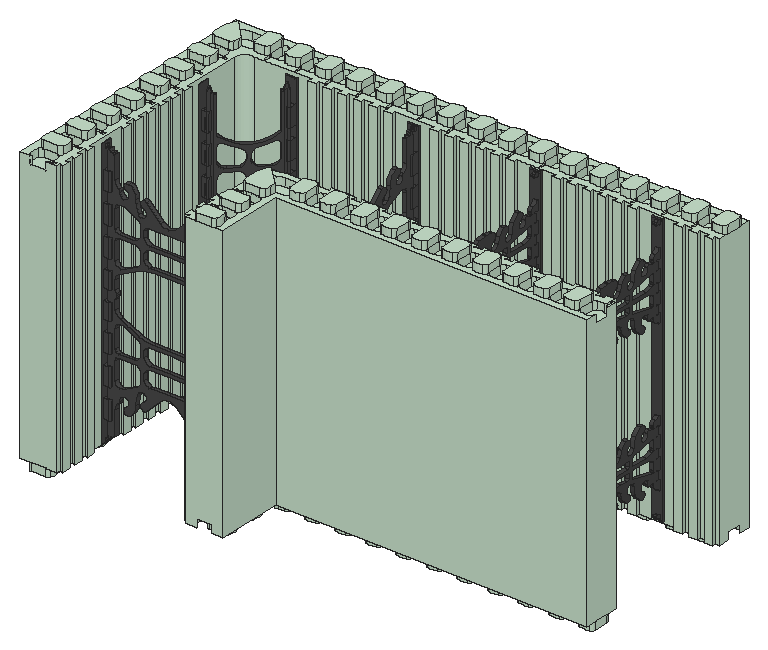
Revit family
Reference planes (in)
  plane 1 "Center (Front/Back)": y = 0
  plane 2: z = 0
  plane 3 "Center (Left/Right)": x = 0
  plane 4: y = -4
  plane 5: y = 4
  plane 6: x = 4
  plane 7: x = -4
  plane 8: x = 27
  plane 9: y = -11
  plane 10: z = 18
  plane 11: x = 6.625
  plane 12: x = -6.625
  plane 13: y = 6.625
Forms (in)
  Extrusion 1, solid, material "NUDURA Expanded Polystyrene Foam Insulation"
    sketch origin (0, 0, 0) x (1, 0, 0) y (0, 1, 0)
      loop
        line (-6.625, 6.625) -> (-6.625, -11) -> (-4.25, -11) -> (-4.25, -10.71883) -> (-4, -10.78117) -> (-4, -10.21883) -> (-4.25, -10.28117) -> (-4.25, -9.71883) -> (-4, -9.78117) -> (-4, -9.21883) -> (-4.25, -9.28117) -> (-4.25, -8.71883) -> (-4, -8.78117) -> (-4, -8.21883) -> (-4.25, -8.28117) -> (-4.25, -5.71883) -> (-4, -5.78117) -> (-4, -5.21883) -> (-4.25, -5.28117) -> (-4.25, -4.71883) -> (-4, -4.78117) -> (-4, -4.21883) -> (-4.25, -4.28117) -> (-4.25, -3.71883) -> (-4, -3.78117) -> (-4, -3.21883) -> (-4.25, -3.28117) -> (-4.25, -2.71883) -> (-4, -2.78117) -> (-4, -2.21883) -> (-4.25, -2.28117) -> (-4.25, -1.71883) -> (-4, -1.78117) -> (-4, -1.21883) -> (-4.25, -1.28117) -> (-4.25, -0.71883) -> (-4, -0.78117) -> (-4, -0.21883) -> (-4.25, -0.28117) -> (-4.25, 3.51944)
        arc (-4.25, 3.51944) -> (-4.02357, 4.03725) -> (-3.5, 4.25) r 0.75
        line (-3.5, 4.25) -> (0.28117, 4.25) -> (0.21883, 4) -> (0.78117, 4) -> (0.71883, 4.25) -> (1.28117, 4.25) -> (1.21883, 4) -> (1.78117, 4) -> (1.71883, 4.25) -> (2.28117, 4.25) -> (2.21883, 4) -> (2.78117, 4) -> (2.71883, 4.25) -> (3.28117, 4.25) -> (3.21883, 4) -> (3.78117, 4) -> (3.71883, 4.25) -> (4.28117, 4.25) -> (4.21883, 4) -> (4.78117, 4) -> (4.71883, 4.25) -> (5.28117, 4.25) -> (5.21883, 4) -> (5.78117, 4) -> (5.71883, 4.25) -> (8.28117, 4.25) -> (8.21883, 4) -> (8.78117, 4) -> (8.71883, 4.25) -> (9.28117, 4.25) -> (9.21883, 4) -> (9.78117, 4) -> (9.71883, 4.25) -> (10.28117, 4.25) -> (10.21883, 4) -> (10.78117, 4) -> (10.71883, 4.25) -> (11.28117, 4.25) -> (11.21883, 4) -> (11.78117, 4) -> (11.71883, 4.25) -> (12.28117, 4.25) -> (12.21883, 4) -> (12.78117, 4) -> (12.71883, 4.25) -> (13.28117, 4.25) -> (13.21883, 4) -> (13.78117, 4) -> (13.71883, 4.25) -> (16.28117, 4.25) -> (16.21883, 4) -> (16.78117, 4) -> (16.71883, 4.25) -> (17.28117, 4.25) -> (17.21883, 4) -> (17.78117, 4) -> (17.71883, 4.25) -> (18.28117, 4.25) -> (18.21883, 4) -> (18.78117, 4) -> (18.71883, 4.25) -> (19.28117, 4.25) -> (19.21883, 4) -> (19.78117, 4) -> (19.71883, 4.25) -> (20.28117, 4.25) -> (20.21883, 4) -> (20.78117, 4) -> (20.71883, 4.25) -> (21.28117, 4.25) -> (21.21883, 4) -> (21.78117, 4) -> (21.71883, 4.25) -> (24.28117, 4.25) -> (24.21883, 4) -> (24.78117, 4) -> (24.71883, 4.25) -> (25.28117, 4.25) -> (25.21883, 4) -> (25.78117, 4) -> (25.71883, 4.25) -> (26.28117, 4.25) -> (26.21883, 4) -> (26.78117, 4) -> (26.71883, 4.25) -> (27, 4.25) -> (27, 6.625) -> (-6.625, 6.625)
      loop
        line (6.625, -6.625) -> (27, -6.625) -> (27, -4.25) -> (26.71883, -4.25) -> (26.78117, -4) -> (26.21883, -4) -> (26.28117, -4.25) -> (25.71883, -4.25) -> (25.78117, -4) -> (25.21883, -4) -> (25.28117, -4.25) -> (24.71883, -4.25) -> (24.78117, -4) -> (24.21883, -4) -> (24.28117, -4.25) -> (21.71883, -4.25) -> (21.78117, -4) -> (21.21883, -4) -> (21.28117, -4.25) -> (20.71883, -4.25) -> (20.78117, -4) -> (20.21883, -4) -> (20.28117, -4.25) -> (19.71883, -4.25) -> (19.78117, -4) -> (19.21883, -4) -> (19.28117, -4.25) -> (18.71883, -4.25) -> (18.78117, -4) -> (18.21883, -4) -> (18.28117, -4.25) -> (17.71883, -4.25) -> (17.78117, -4) -> (17.21883, -4) -> (17.28117, -4.25) -> (16.71883, -4.25) -> (16.78117, -4) -> (16.21883, -4) -> (16.28117, -4.25) -> (13.71883, -4.25) -> (13.78117, -4) -> (13.21883, -4) -> (13.28117, -4.25) -> (12.71883, -4.25) -> (12.78117, -4) -> (12.21883, -4) -> (12.28117, -4.25) -> (11.71883, -4.25) -> (11.78117, -4) -> (11.21883, -4) -> (11.28117, -4.25) -> (10.71883, -4.25) -> (10.78117, -4) -> (10.21883, -4) -> (10.28117, -4.25) -> (9.71883, -4.25) -> (9.78117, -4) -> (9.21883, -4) -> (9.28117, -4.25) -> (8.71883, -4.25) -> (8.78117, -4) -> (8.21883, -4) -> (8.28117, -4.25) -> (5.5, -4.25)
        arc (5.5, -4.25) -> (4.61612, -4.61612) -> (4.25, -5.5) r 1.25
        line (4.25, -5.5) -> (4.25, -8.28117) -> (4, -8.21883) -> (4, -8.78117) -> (4.25, -8.71883) -> (4.25, -9.28117) -> (4, -9.21883) -> (4, -9.78117) -> (4.25, -9.71883) -> (4.25, -10.28117) -> (4, -10.21883) -> (4, -10.78117) -> (4.25, -10.71883) -> (4.25, -11) -> (6.625, -11) -> (6.625, -6.625)
    from 0 to 18
  Extrusion 2, solid, material "NUDURA Expanded Polystyrene Foam Insulation"
    sketch origin (1, -1, 0) x (1, 0, 0) y (0, 1, 0)
      loop
        arc (3.6875, -5.5) -> (3.70047, -5.66548) -> (3.73905, -5.82692) r 1.0625
        arc (3.73905, -5.82692) -> (3.82983, -5.95215) -> (3.97692, -6) r 0.25
        line (3.97692, -6) -> (4.89808, -6)
        arc (4.89808, -6) -> (5.04517, -5.95215) -> (5.13595, -5.82692) r 0.25
        arc (5.13595, -5.82692) -> (5.17453, -5.66548) -> (5.1875, -5.5) r 1.0625
        line (5.1875, -5.5) -> (5.1875, -5.1875) -> (3.98039, -3.98039)
        arc (3.98039, -3.98039) -> (3.76362, -4.30482) -> (3.6875, -4.6875) r 1
        line (3.6875, -4.6875) -> (3.6875, -5.5)
    from 18 to 18.5
  Extrusion 3, solid, material "NUDURA Expanded Polystyrene Foam Insulation"
    sketch origin (-1, 1, 0) x (1, 0, 0) y (0, 1, 0)
      loop
        arc (-3.97692, 3) -> (-3.82983, 3.04785) -> (-3.73905, 3.17308) r 0.25
        arc (-3.73905, 3.17308) -> (-3.70047, 3.33452) -> (-3.6875, 3.5) r 1.0625
        line (-3.6875, 3.5) -> (-3.6875, 3.6875) -> (-4.89461, 4.89461)
        arc (-4.89461, 4.89461) -> (-5.11138, 4.57018) -> (-5.1875, 4.1875) r 1
        line (-5.1875, 4.1875) -> (-5.1875, 3.5)
        arc (-5.1875, 3.5) -> (-5.17453, 3.33452) -> (-5.13595, 3.17308) r 1.0625
        arc (-5.13595, 3.17308) -> (-5.04517, 3.04785) -> (-4.89808, 3) r 0.25
        line (-4.89808, 3) -> (-3.97692, 3)
    from 18 to 18.5
  Extrusion 4, void
    sketch origin (-1, 1, 0) x (1, 0, 0) y (0, 1, 0)
      loop
        arc (-5.13595, -9.82692) -> (-5.04517, -9.95215) -> (-4.89808, -10) r 0.25
        line (-4.89808, -10) -> (-3.97692, -10)
        arc (-3.97692, -10) -> (-3.88568, -9.98276) -> (-3.80702, -9.9334) r 0.25
        arc (-3.80702, -9.9334) -> (-3.78736, -9.92106) -> (-3.76455, -9.91675) r 0.0625
        line (-3.76455, -9.91675) -> (-3.41845, -9.91675) -> (-3.41845, -9.74592) -> (-3.64005, -9.74592)
        arc (-3.64005, -9.74592) -> (-3.68771, -9.72385) -> (-3.70172, -9.67323) r 0.0625
        arc (-3.70172, -9.67323) -> (-3.69045, -9.42092) -> (-3.73905, -9.17308) r 1.0625
        arc (-3.73905, -9.17308) -> (-3.82983, -9.04785) -> (-3.97692, -9) r 0.25
        line (-3.97692, -9) -> (-4.89808, -9)
        arc (-4.89808, -9) -> (-5.04517, -9.04785) -> (-5.13595, -9.17308) r 0.25
        arc (-5.13595, -9.17308) -> (-5.1875, -9.5) -> (-5.13595, -9.82692) r 1.0625
    from 18 to 17.5
  Extrusion 5, void
    sketch origin (-1, 3, 0) x (1, 0, 0) y (0, 1, 0)
      loop
        arc (-5.13595, -9.82692) -> (-5.04517, -9.95215) -> (-4.89808, -10) r 0.25
        line (-4.89808, -10) -> (-3.97692, -10)
        arc (-3.97692, -10) -> (-3.88568, -9.98276) -> (-3.80702, -9.9334) r 0.25
        arc (-3.80702, -9.9334) -> (-3.78736, -9.92106) -> (-3.76455, -9.91675) r 0.0625
        line (-3.76455, -9.91675) -> (-3.41845, -9.91675) -> (-3.41845, -9.74592) -> (-3.64005, -9.74592)
        arc (-3.64005, -9.74592) -> (-3.68771, -9.72385) -> (-3.70172, -9.67323) r 0.0625
        arc (-3.70172, -9.67323) -> (-3.69045, -9.42092) -> (-3.73905, -9.17308) r 1.0625
        arc (-3.73905, -9.17308) -> (-3.82983, -9.04785) -> (-3.97692, -9) r 0.25
        line (-3.97692, -9) -> (-4.89808, -9)
        arc (-4.89808, -9) -> (-5.04517, -9.04785) -> (-5.13595, -9.17308) r 0.25
        arc (-5.13595, -9.17308) -> (-5.1875, -9.5) -> (-5.13595, -9.82692) r 1.0625
    from 18 to 17.5
  Extrusion 6, void
    sketch origin (-1, 5, 0) x (1, 0, 0) y (0, 1, 0)
      loop
        arc (-5.13595, -9.82692) -> (-5.04517, -9.95215) -> (-4.89808, -10) r 0.25
        line (-4.89808, -10) -> (-3.97692, -10)
        arc (-3.97692, -10) -> (-3.88568, -9.98276) -> (-3.80702, -9.9334) r 0.25
        arc (-3.80702, -9.9334) -> (-3.78736, -9.92106) -> (-3.76455, -9.91675) r 0.0625
        line (-3.76455, -9.91675) -> (-3.41845, -9.91675) -> (-3.41845, -9.74592) -> (-3.64005, -9.74592)
        arc (-3.64005, -9.74592) -> (-3.68771, -9.72385) -> (-3.70172, -9.67323) r 0.0625
        arc (-3.70172, -9.67323) -> (-3.69045, -9.42092) -> (-3.73905, -9.17308) r 1.0625
        arc (-3.73905, -9.17308) -> (-3.82983, -9.04785) -> (-3.97692, -9) r 0.25
        line (-3.97692, -9) -> (-4.89808, -9)
        arc (-4.89808, -9) -> (-5.04517, -9.04785) -> (-5.13595, -9.17308) r 0.25
        arc (-5.13595, -9.17308) -> (-5.1875, -9.5) -> (-5.13595, -9.82692) r 1.0625
    from 18 to 17.5
  Extrusion 7, void
    sketch origin (-1, 7, 0) x (1, 0, 0) y (0, 1, 0)
      loop
        arc (-5.13595, -9.82692) -> (-5.04517, -9.95215) -> (-4.89808, -10) r 0.25
        line (-4.89808, -10) -> (-3.97692, -10)
        arc (-3.97692, -10) -> (-3.88568, -9.98276) -> (-3.80702, -9.9334) r 0.25
        arc (-3.80702, -9.9334) -> (-3.78736, -9.92106) -> (-3.76455, -9.91675) r 0.0625
        line (-3.76455, -9.91675) -> (-3.41845, -9.91675) -> (-3.41845, -9.74592) -> (-3.64005, -9.74592)
        arc (-3.64005, -9.74592) -> (-3.68771, -9.72385) -> (-3.70172, -9.67323) r 0.0625
        arc (-3.70172, -9.67323) -> (-3.69045, -9.42092) -> (-3.73905, -9.17308) r 1.0625
        arc (-3.73905, -9.17308) -> (-3.82983, -9.04785) -> (-3.97692, -9) r 0.25
        line (-3.97692, -9) -> (-4.89808, -9)
        arc (-4.89808, -9) -> (-5.04517, -9.04785) -> (-5.13595, -9.17308) r 0.25
        arc (-5.13595, -9.17308) -> (-5.1875, -9.5) -> (-5.13595, -9.82692) r 1.0625
    from 18 to 17.5
  Extrusion 8, void
    sketch origin (-1, 9, 0) x (1, 0, 0) y (0, 1, 0)
      loop
        arc (-5.13595, -9.82692) -> (-5.04517, -9.95215) -> (-4.89808, -10) r 0.25
        line (-4.89808, -10) -> (-3.97692, -10)
        arc (-3.97692, -10) -> (-3.88568, -9.98276) -> (-3.80702, -9.9334) r 0.25
        arc (-3.80702, -9.9334) -> (-3.78736, -9.92106) -> (-3.76455, -9.91675) r 0.0625
        line (-3.76455, -9.91675) -> (-3.41845, -9.91675) -> (-3.41845, -9.74592) -> (-3.64005, -9.74592)
        arc (-3.64005, -9.74592) -> (-3.68771, -9.72385) -> (-3.70172, -9.67323) r 0.0625
        arc (-3.70172, -9.67323) -> (-3.69045, -9.42092) -> (-3.73905, -9.17308) r 1.0625
        arc (-3.73905, -9.17308) -> (-3.82983, -9.04785) -> (-3.97692, -9) r 0.25
        line (-3.97692, -9) -> (-4.89808, -9)
        arc (-4.89808, -9) -> (-5.04517, -9.04785) -> (-5.13595, -9.17308) r 0.25
        arc (-5.13595, -9.17308) -> (-5.1875, -9.5) -> (-5.13595, -9.82692) r 1.0625
    from 18 to 17.5
  Extrusion 9, void
    sketch origin (-1, 11, 0) x (1, 0, 0) y (0, 1, 0)
      loop
        arc (-5.13595, -9.82692) -> (-5.04517, -9.95215) -> (-4.89808, -10) r 0.25
        line (-4.89808, -10) -> (-3.97692, -10)
        arc (-3.97692, -10) -> (-3.88568, -9.98276) -> (-3.80702, -9.9334) r 0.25
        arc (-3.80702, -9.9334) -> (-3.78736, -9.92106) -> (-3.76455, -9.91675) r 0.0625
        line (-3.76455, -9.91675) -> (-3.41845, -9.91675) -> (-3.41845, -9.74592) -> (-3.64005, -9.74592)
        arc (-3.64005, -9.74592) -> (-3.68771, -9.72385) -> (-3.70172, -9.67323) r 0.0625
        arc (-3.70172, -9.67323) -> (-3.69045, -9.42092) -> (-3.73905, -9.17308) r 1.0625
        arc (-3.73905, -9.17308) -> (-3.82983, -9.04785) -> (-3.97692, -9) r 0.25
        line (-3.97692, -9) -> (-4.89808, -9)
        arc (-4.89808, -9) -> (-5.04517, -9.04785) -> (-5.13595, -9.17308) r 0.25
        arc (-5.13595, -9.17308) -> (-5.1875, -9.5) -> (-5.13595, -9.82692) r 1.0625
    from 18 to 17.5
  Extrusion 10, void
    sketch origin (-1, 13, 0) x (1, 0, 0) y (0, 1, 0)
      loop
        arc (-5.13595, -9.82692) -> (-5.04517, -9.95215) -> (-4.89808, -10) r 0.25
        line (-4.89808, -10) -> (-3.97692, -10)
        arc (-3.97692, -10) -> (-3.88568, -9.98276) -> (-3.80702, -9.9334) r 0.25
        arc (-3.80702, -9.9334) -> (-3.78736, -9.92106) -> (-3.76455, -9.91675) r 0.0625
        line (-3.76455, -9.91675) -> (-3.41845, -9.91675) -> (-3.41845, -9.74592) -> (-3.64005, -9.74592)
        arc (-3.64005, -9.74592) -> (-3.68771, -9.72385) -> (-3.70172, -9.67323) r 0.0625
        arc (-3.70172, -9.67323) -> (-3.69045, -9.42092) -> (-3.73905, -9.17308) r 1.0625
        arc (-3.73905, -9.17308) -> (-3.82983, -9.04785) -> (-3.97692, -9) r 0.25
        line (-3.97692, -9) -> (-4.89808, -9)
        arc (-4.89808, -9) -> (-5.04517, -9.04785) -> (-5.13595, -9.17308) r 0.25
        arc (-5.13595, -9.17308) -> (-5.1875, -9.5) -> (-5.13595, -9.82692) r 1.0625
    from 18 to 17.5
  Extrusion 11, void
    sketch origin (1, -1, 0) x (1, 0, 0) y (0, 1, 0)
      loop
        line (3.97692, -9) -> (4.89808, -9)
        arc (4.89808, -9) -> (5.04517, -8.95215) -> (5.13595, -8.82692) r 0.25
        arc (5.13595, -8.82692) -> (5.1875, -8.5) -> (5.13595, -8.17308) r 1.0625
        arc (5.13595, -8.17308) -> (5.04517, -8.04785) -> (4.89808, -8) r 0.25
        line (4.89808, -8) -> (3.97692, -8)
        arc (3.97692, -8) -> (3.88568, -8.01724) -> (3.80702, -8.0666) r 0.25
        arc (3.80702, -8.0666) -> (3.78736, -8.07894) -> (3.76455, -8.08325) r 0.0625
        line (3.76455, -8.08325) -> (3.41845, -8.08325) -> (3.41845, -8.25408) -> (3.64005, -8.25408)
        arc (3.64005, -8.25408) -> (3.68771, -8.27615) -> (3.70172, -8.32677) r 0.0625
        arc (3.70172, -8.32677) -> (3.69045, -8.57908) -> (3.73905, -8.82692) r 1.0625
        arc (3.73905, -8.82692) -> (3.82983, -8.95215) -> (3.97692, -9) r 0.25
    from 18 to 17.5
  Extrusion 12, void
    sketch origin (1, 1, 0) x (1, 0, 0) y (0, 1, 0)
      loop
        line (3.97692, -9) -> (4.89808, -9)
        arc (4.89808, -9) -> (5.04517, -8.95215) -> (5.13595, -8.82692) r 0.25
        arc (5.13595, -8.82692) -> (5.1875, -8.5) -> (5.13595, -8.17308) r 1.0625
        arc (5.13595, -8.17308) -> (5.04517, -8.04785) -> (4.89808, -8) r 0.25
        line (4.89808, -8) -> (3.97692, -8)
        arc (3.97692, -8) -> (3.88568, -8.01724) -> (3.80702, -8.0666) r 0.25
        arc (3.80702, -8.0666) -> (3.78736, -8.07894) -> (3.76455, -8.08325) r 0.0625
        line (3.76455, -8.08325) -> (3.41845, -8.08325) -> (3.41845, -8.25408) -> (3.64005, -8.25408)
        arc (3.64005, -8.25408) -> (3.68771, -8.27615) -> (3.70172, -8.32677) r 0.0625
        arc (3.70172, -8.32677) -> (3.69045, -8.57908) -> (3.73905, -8.82692) r 1.0625
        arc (3.73905, -8.82692) -> (3.82983, -8.95215) -> (3.97692, -9) r 0.25
    from 18 to 17.5
  Extrusion 13, void
    sketch origin (-1, 1, 0) x (1, 0, 0) y (0, 1, 0)
      loop
        arc (-4.1875, 5.1875) -> (-4.57018, 5.11138) -> (-4.89461, 4.89461) r 1
        line (-4.89461, 4.89461) -> (-3.6875, 3.6875) -> (-3.5, 3.6875)
        arc (-3.5, 3.6875) -> (-3.33452, 3.70047) -> (-3.17308, 3.73905) r 1.0625
        arc (-3.17308, 3.73905) -> (-3.04785, 3.82983) -> (-3, 3.97692) r 0.25
        line (-3, 3.97692) -> (-3, 4.89808)
        arc (-3, 4.89808) -> (-3.04785, 5.04517) -> (-3.17308, 5.13595) r 0.25
        arc (-3.17308, 5.13595) -> (-3.33452, 5.17453) -> (-3.5, 5.1875) r 1.0625
        line (-3.5, 5.1875) -> (-4.1875, 5.1875)
    from 18 to 17.5
  Extrusion 14, void
    sketch origin (1, -1, 0) x (1, 0, 0) y (0, 1, 0)
      loop
        arc (4.6875, -3.6875) -> (4.30482, -3.76362) -> (3.98039, -3.98039) r 1
        line (3.98039, -3.98039) -> (5.1875, -5.1875) -> (5.5, -5.1875)
        arc (5.5, -5.1875) -> (5.66548, -5.17453) -> (5.82692, -5.13595) r 1.0625
        arc (5.82692, -5.13595) -> (5.95215, -5.04517) -> (6, -4.89808) r 0.25
        line (6, -4.89808) -> (6, -3.97692)
        arc (6, -3.97692) -> (5.98276, -3.88568) -> (5.9334, -3.80702) r 0.25
        arc (5.9334, -3.80702) -> (5.92106, -3.78736) -> (5.91675, -3.76455) r 0.0625
        line (5.91675, -3.76455) -> (5.91675, -3.41845) -> (5.74592, -3.41845) -> (5.74592, -3.64005)
        arc (5.74592, -3.64005) -> (5.72385, -3.68771) -> (5.67323, -3.70172) r 0.0625
        arc (5.67323, -3.70172) -> (5.58691, -3.69106) -> (5.5, -3.6875) r 1.0625
        line (5.5, -3.6875) -> (4.6875, -3.6875)
    from 18 to 17.5
  Extrusion 15, void
    sketch origin (1, -1, 0) x (1, 0, 0) y (0, 1, 0)
      loop
        line (7, -3.97692) -> (7, -4.89808)
        arc (7, -4.89808) -> (7.04785, -5.04517) -> (7.17308, -5.13595) r 0.25
        arc (7.17308, -5.13595) -> (7.5, -5.1875) -> (7.82692, -5.13595) r 1.0625
        arc (7.82692, -5.13595) -> (7.95215, -5.04517) -> (8, -4.89808) r 0.25
        line (8, -4.89808) -> (8, -3.97692)
        arc (8, -3.97692) -> (7.98276, -3.88568) -> (7.9334, -3.80702) r 0.25
        arc (7.9334, -3.80702) -> (7.92106, -3.78736) -> (7.91675, -3.76455) r 0.0625
        line (7.91675, -3.76455) -> (7.91675, -3.41845) -> (7.74592, -3.41845) -> (7.74592, -3.64005)
        arc (7.74592, -3.64005) -> (7.72385, -3.68771) -> (7.67323, -3.70172) r 0.0625
        arc (7.67323, -3.70172) -> (7.42092, -3.69045) -> (7.17308, -3.73905) r 1.0625
        arc (7.17308, -3.73905) -> (7.04785, -3.82983) -> (7, -3.97692) r 0.25
    from 18 to 17.5
  Extrusion 16, void
    sketch origin (3, -1, 0) x (1, 0, 0) y (0, 1, 0)
      loop
        line (7, -3.97692) -> (7, -4.89808)
        arc (7, -4.89808) -> (7.04785, -5.04517) -> (7.17308, -5.13595) r 0.25
        arc (7.17308, -5.13595) -> (7.5, -5.1875) -> (7.82692, -5.13595) r 1.0625
        arc (7.82692, -5.13595) -> (7.95215, -5.04517) -> (8, -4.89808) r 0.25
        line (8, -4.89808) -> (8, -3.97692)
        arc (8, -3.97692) -> (7.98276, -3.88568) -> (7.9334, -3.80702) r 0.25
        arc (7.9334, -3.80702) -> (7.92106, -3.78736) -> (7.91675, -3.76455) r 0.0625
        line (7.91675, -3.76455) -> (7.91675, -3.41845) -> (7.74592, -3.41845) -> (7.74592, -3.64005)
        arc (7.74592, -3.64005) -> (7.72385, -3.68771) -> (7.67323, -3.70172) r 0.0625
        arc (7.67323, -3.70172) -> (7.42092, -3.69045) -> (7.17308, -3.73905) r 1.0625
        arc (7.17308, -3.73905) -> (7.04785, -3.82983) -> (7, -3.97692) r 0.25
    from 18 to 17.5
  Extrusion 17, void
    sketch origin (5, -1, 0) x (1, 0, 0) y (0, 1, 0)
      loop
        line (7, -3.97692) -> (7, -4.89808)
        arc (7, -4.89808) -> (7.04785, -5.04517) -> (7.17308, -5.13595) r 0.25
        arc (7.17308, -5.13595) -> (7.5, -5.1875) -> (7.82692, -5.13595) r 1.0625
        arc (7.82692, -5.13595) -> (7.95215, -5.04517) -> (8, -4.89808) r 0.25
        line (8, -4.89808) -> (8, -3.97692)
        arc (8, -3.97692) -> (7.98276, -3.88568) -> (7.9334, -3.80702) r 0.25
        arc (7.9334, -3.80702) -> (7.92106, -3.78736) -> (7.91675, -3.76455) r 0.0625
        line (7.91675, -3.76455) -> (7.91675, -3.41845) -> (7.74592, -3.41845) -> (7.74592, -3.64005)
        arc (7.74592, -3.64005) -> (7.72385, -3.68771) -> (7.67323, -3.70172) r 0.0625
        arc (7.67323, -3.70172) -> (7.42092, -3.69045) -> (7.17308, -3.73905) r 1.0625
        arc (7.17308, -3.73905) -> (7.04785, -3.82983) -> (7, -3.97692) r 0.25
    from 18 to 17.5
  Extrusion 18, void
    sketch origin (7, -1, 0) x (1, 0, 0) y (0, 1, 0)
      loop
        line (7, -3.97692) -> (7, -4.89808)
        arc (7, -4.89808) -> (7.04785, -5.04517) -> (7.17308, -5.13595) r 0.25
        arc (7.17308, -5.13595) -> (7.5, -5.1875) -> (7.82692, -5.13595) r 1.0625
        arc (7.82692, -5.13595) -> (7.95215, -5.04517) -> (8, -4.89808) r 0.25
        line (8, -4.89808) -> (8, -3.97692)
        arc (8, -3.97692) -> (7.98276, -3.88568) -> (7.9334, -3.80702) r 0.25
        arc (7.9334, -3.80702) -> (7.92106, -3.78736) -> (7.91675, -3.76455) r 0.0625
        line (7.91675, -3.76455) -> (7.91675, -3.41845) -> (7.74592, -3.41845) -> (7.74592, -3.64005)
        arc (7.74592, -3.64005) -> (7.72385, -3.68771) -> (7.67323, -3.70172) r 0.0625
        arc (7.67323, -3.70172) -> (7.42092, -3.69045) -> (7.17308, -3.73905) r 1.0625
        arc (7.17308, -3.73905) -> (7.04785, -3.82983) -> (7, -3.97692) r 0.25
    from 18 to 17.5
  Extrusion 19, void
    sketch origin (9, -1, 0) x (1, 0, 0) y (0, 1, 0)
      loop
        line (7, -3.97692) -> (7, -4.89808)
        arc (7, -4.89808) -> (7.04785, -5.04517) -> (7.17308, -5.13595) r 0.25
        arc (7.17308, -5.13595) -> (7.5, -5.1875) -> (7.82692, -5.13595) r 1.0625
        arc (7.82692, -5.13595) -> (7.95215, -5.04517) -> (8, -4.89808) r 0.25
        line (8, -4.89808) -> (8, -3.97692)
        arc (8, -3.97692) -> (7.98276, -3.88568) -> (7.9334, -3.80702) r 0.25
        arc (7.9334, -3.80702) -> (7.92106, -3.78736) -> (7.91675, -3.76455) r 0.0625
        line (7.91675, -3.76455) -> (7.91675, -3.41845) -> (7.74592, -3.41845) -> (7.74592, -3.64005)
        arc (7.74592, -3.64005) -> (7.72385, -3.68771) -> (7.67323, -3.70172) r 0.0625
        arc (7.67323, -3.70172) -> (7.42092, -3.69045) -> (7.17308, -3.73905) r 1.0625
        arc (7.17308, -3.73905) -> (7.04785, -3.82983) -> (7, -3.97692) r 0.25
    from 18 to 17.5
  Extrusion 20, void
    sketch origin (11, -1, 0) x (1, 0, 0) y (0, 1, 0)
      loop
        line (7, -3.97692) -> (7, -4.89808)
        arc (7, -4.89808) -> (7.04785, -5.04517) -> (7.17308, -5.13595) r 0.25
        arc (7.17308, -5.13595) -> (7.5, -5.1875) -> (7.82692, -5.13595) r 1.0625
        arc (7.82692, -5.13595) -> (7.95215, -5.04517) -> (8, -4.89808) r 0.25
        line (8, -4.89808) -> (8, -3.97692)
        arc (8, -3.97692) -> (7.98276, -3.88568) -> (7.9334, -3.80702) r 0.25
        arc (7.9334, -3.80702) -> (7.92106, -3.78736) -> (7.91675, -3.76455) r 0.0625
        line (7.91675, -3.76455) -> (7.91675, -3.41845) -> (7.74592, -3.41845) -> (7.74592, -3.64005)
        arc (7.74592, -3.64005) -> (7.72385, -3.68771) -> (7.67323, -3.70172) r 0.0625
        arc (7.67323, -3.70172) -> (7.42092, -3.69045) -> (7.17308, -3.73905) r 1.0625
        arc (7.17308, -3.73905) -> (7.04785, -3.82983) -> (7, -3.97692) r 0.25
    from 18 to 17.5
  Extrusion 21, void
    sketch origin (13, -1, 0) x (1, 0, 0) y (0, 1, 0)
      loop
        line (7, -3.97692) -> (7, -4.89808)
        arc (7, -4.89808) -> (7.04785, -5.04517) -> (7.17308, -5.13595) r 0.25
        arc (7.17308, -5.13595) -> (7.5, -5.1875) -> (7.82692, -5.13595) r 1.0625
        arc (7.82692, -5.13595) -> (7.95215, -5.04517) -> (8, -4.89808) r 0.25
        line (8, -4.89808) -> (8, -3.97692)
        arc (8, -3.97692) -> (7.98276, -3.88568) -> (7.9334, -3.80702) r 0.25
        arc (7.9334, -3.80702) -> (7.92106, -3.78736) -> (7.91675, -3.76455) r 0.0625
        line (7.91675, -3.76455) -> (7.91675, -3.41845) -> (7.74592, -3.41845) -> (7.74592, -3.64005)
        arc (7.74592, -3.64005) -> (7.72385, -3.68771) -> (7.67323, -3.70172) r 0.0625
        arc (7.67323, -3.70172) -> (7.42092, -3.69045) -> (7.17308, -3.73905) r 1.0625
        arc (7.17308, -3.73905) -> (7.04785, -3.82983) -> (7, -3.97692) r 0.25
    from 18 to 17.5
  Extrusion 22, void
    sketch origin (15, -1, 0) x (1, 0, 0) y (0, 1, 0)
      loop
        line (7, -3.97692) -> (7, -4.89808)
        arc (7, -4.89808) -> (7.04785, -5.04517) -> (7.17308, -5.13595) r 0.25
        arc (7.17308, -5.13595) -> (7.5, -5.1875) -> (7.82692, -5.13595) r 1.0625
        arc (7.82692, -5.13595) -> (7.95215, -5.04517) -> (8, -4.89808) r 0.25
        line (8, -4.89808) -> (8, -3.97692)
        arc (8, -3.97692) -> (7.98276, -3.88568) -> (7.9334, -3.80702) r 0.25
        arc (7.9334, -3.80702) -> (7.92106, -3.78736) -> (7.91675, -3.76455) r 0.0625
        line (7.91675, -3.76455) -> (7.91675, -3.41845) -> (7.74592, -3.41845) -> (7.74592, -3.64005)
        arc (7.74592, -3.64005) -> (7.72385, -3.68771) -> (7.67323, -3.70172) r 0.0625
        arc (7.67323, -3.70172) -> (7.42092, -3.69045) -> (7.17308, -3.73905) r 1.0625
        arc (7.17308, -3.73905) -> (7.04785, -3.82983) -> (7, -3.97692) r 0.25
    from 18 to 17.5
  Extrusion 23, void
    sketch origin (17, -1, 0) x (1, 0, 0) y (0, 1, 0)
      loop
        line (7, -3.97692) -> (7, -4.89808)
        arc (7, -4.89808) -> (7.04785, -5.04517) -> (7.17308, -5.13595) r 0.25
        arc (7.17308, -5.13595) -> (7.5, -5.1875) -> (7.82692, -5.13595) r 1.0625
        arc (7.82692, -5.13595) -> (7.95215, -5.04517) -> (8, -4.89808) r 0.25
        line (8, -4.89808) -> (8, -3.97692)
        arc (8, -3.97692) -> (7.98276, -3.88568) -> (7.9334, -3.80702) r 0.25
        arc (7.9334, -3.80702) -> (7.92106, -3.78736) -> (7.91675, -3.76455) r 0.0625
        line (7.91675, -3.76455) -> (7.91675, -3.41845) -> (7.74592, -3.41845) -> (7.74592, -3.64005)
        arc (7.74592, -3.64005) -> (7.72385, -3.68771) -> (7.67323, -3.70172) r 0.0625
        arc (7.67323, -3.70172) -> (7.42092, -3.69045) -> (7.17308, -3.73905) r 1.0625
        arc (7.17308, -3.73905) -> (7.04785, -3.82983) -> (7, -3.97692) r 0.25
    from 18 to 17.5
  Extrusion 24, void
    sketch origin (19, -1, 0) x (1, 0, 0) y (0, 1, 0)
      loop
        line (7, -3.97692) -> (7, -4.89808)
        arc (7, -4.89808) -> (7.04785, -5.04517) -> (7.17308, -5.13595) r 0.25
        arc (7.17308, -5.13595) -> (7.5, -5.1875) -> (7.82692, -5.13595) r 1.0625
        arc (7.82692, -5.13595) -> (7.95215, -5.04517) -> (8, -4.89808) r 0.25
        line (8, -4.89808) -> (8, -3.97692)
        arc (8, -3.97692) -> (7.98276, -3.88568) -> (7.9334, -3.80702) r 0.25
        arc (7.9334, -3.80702) -> (7.92106, -3.78736) -> (7.91675, -3.76455) r 0.0625
        line (7.91675, -3.76455) -> (7.91675, -3.41845) -> (7.74592, -3.41845) -> (7.74592, -3.64005)
        arc (7.74592, -3.64005) -> (7.72385, -3.68771) -> (7.67323, -3.70172) r 0.0625
        arc (7.67323, -3.70172) -> (7.42092, -3.69045) -> (7.17308, -3.73905) r 1.0625
        arc (7.17308, -3.73905) -> (7.04785, -3.82983) -> (7, -3.97692) r 0.25
    from 18 to 17.5
  Extrusion 25, void
    sketch origin (-1, 1, 0) x (1, 0, 0) y (0, 1, 0)
      loop
        arc (-1.82692, 5.13595) -> (-1.95215, 5.04517) -> (-2, 4.89808) r 0.25
        line (-2, 4.89808) -> (-2, 3.97692)
        arc (-2, 3.97692) -> (-1.98276, 3.88568) -> (-1.9334, 3.80702) r 0.25
        arc (-1.9334, 3.80702) -> (-1.92106, 3.78736) -> (-1.91675, 3.76455) r 0.0625
        line (-1.91675, 3.76455) -> (-1.91675, 3.41845) -> (-1.74592, 3.41845) -> (-1.74592, 3.64005)
        arc (-1.74592, 3.64005) -> (-1.72385, 3.68771) -> (-1.67323, 3.70172) r 0.0625
        arc (-1.67323, 3.70172) -> (-1.42092, 3.69045) -> (-1.17308, 3.73905) r 1.0625
        arc (-1.17308, 3.73905) -> (-1.04785, 3.82983) -> (-1, 3.97692) r 0.25
        line (-1, 3.97692) -> (-1, 4.89808)
        arc (-1, 4.89808) -> (-1.04785, 5.04517) -> (-1.17308, 5.13595) r 0.25
        arc (-1.17308, 5.13595) -> (-1.5, 5.1875) -> (-1.82692, 5.13595) r 1.0625
    from 18 to 17.5
  Extrusion 26, void
    sketch origin (1, 1, 0) x (1, 0, 0) y (0, 1, 0)
      loop
        arc (-1.82692, 5.13595) -> (-1.95215, 5.04517) -> (-2, 4.89808) r 0.25
        line (-2, 4.89808) -> (-2, 3.97692)
        arc (-2, 3.97692) -> (-1.98276, 3.88568) -> (-1.9334, 3.80702) r 0.25
        arc (-1.9334, 3.80702) -> (-1.92106, 3.78736) -> (-1.91675, 3.76455) r 0.0625
        line (-1.91675, 3.76455) -> (-1.91675, 3.41845) -> (-1.74592, 3.41845) -> (-1.74592, 3.64005)
        arc (-1.74592, 3.64005) -> (-1.72385, 3.68771) -> (-1.67323, 3.70172) r 0.0625
        arc (-1.67323, 3.70172) -> (-1.42092, 3.69045) -> (-1.17308, 3.73905) r 1.0625
        arc (-1.17308, 3.73905) -> (-1.04785, 3.82983) -> (-1, 3.97692) r 0.25
        line (-1, 3.97692) -> (-1, 4.89808)
        arc (-1, 4.89808) -> (-1.04785, 5.04517) -> (-1.17308, 5.13595) r 0.25
        arc (-1.17308, 5.13595) -> (-1.5, 5.1875) -> (-1.82692, 5.13595) r 1.0625
    from 18 to 17.5
  Extrusion 27, void
    sketch origin (3, 1, 0) x (1, 0, 0) y (0, 1, 0)
      loop
        arc (-1.82692, 5.13595) -> (-1.95215, 5.04517) -> (-2, 4.89808) r 0.25
        line (-2, 4.89808) -> (-2, 3.97692)
        arc (-2, 3.97692) -> (-1.98276, 3.88568) -> (-1.9334, 3.80702) r 0.25
        arc (-1.9334, 3.80702) -> (-1.92106, 3.78736) -> (-1.91675, 3.76455) r 0.0625
        line (-1.91675, 3.76455) -> (-1.91675, 3.41845) -> (-1.74592, 3.41845) -> (-1.74592, 3.64005)
        arc (-1.74592, 3.64005) -> (-1.72385, 3.68771) -> (-1.67323, 3.70172) r 0.0625
        arc (-1.67323, 3.70172) -> (-1.42092, 3.69045) -> (-1.17308, 3.73905) r 1.0625
        arc (-1.17308, 3.73905) -> (-1.04785, 3.82983) -> (-1, 3.97692) r 0.25
        line (-1, 3.97692) -> (-1, 4.89808)
        arc (-1, 4.89808) -> (-1.04785, 5.04517) -> (-1.17308, 5.13595) r 0.25
        arc (-1.17308, 5.13595) -> (-1.5, 5.1875) -> (-1.82692, 5.13595) r 1.0625
    from 18 to 17.5
  Extrusion 28, void
    sketch origin (5, 1, 0) x (1, 0, 0) y (0, 1, 0)
      loop
        arc (-1.82692, 5.13595) -> (-1.95215, 5.04517) -> (-2, 4.89808) r 0.25
        line (-2, 4.89808) -> (-2, 3.97692)
        arc (-2, 3.97692) -> (-1.98276, 3.88568) -> (-1.9334, 3.80702) r 0.25
        arc (-1.9334, 3.80702) -> (-1.92106, 3.78736) -> (-1.91675, 3.76455) r 0.0625
        line (-1.91675, 3.76455) -> (-1.91675, 3.41845) -> (-1.74592, 3.41845) -> (-1.74592, 3.64005)
        arc (-1.74592, 3.64005) -> (-1.72385, 3.68771) -> (-1.67323, 3.70172) r 0.0625
        arc (-1.67323, 3.70172) -> (-1.42092, 3.69045) -> (-1.17308, 3.73905) r 1.0625
        arc (-1.17308, 3.73905) -> (-1.04785, 3.82983) -> (-1, 3.97692) r 0.25
        line (-1, 3.97692) -> (-1, 4.89808)
        arc (-1, 4.89808) -> (-1.04785, 5.04517) -> (-1.17308, 5.13595) r 0.25
        arc (-1.17308, 5.13595) -> (-1.5, 5.1875) -> (-1.82692, 5.13595) r 1.0625
    from 18 to 17.5
  Extrusion 29, void
    sketch origin (7, 1, 0) x (1, 0, 0) y (0, 1, 0)
      loop
        arc (-1.82692, 5.13595) -> (-1.95215, 5.04517) -> (-2, 4.89808) r 0.25
        line (-2, 4.89808) -> (-2, 3.97692)
        arc (-2, 3.97692) -> (-1.98276, 3.88568) -> (-1.9334, 3.80702) r 0.25
        arc (-1.9334, 3.80702) -> (-1.92106, 3.78736) -> (-1.91675, 3.76455) r 0.0625
        line (-1.91675, 3.76455) -> (-1.91675, 3.41845) -> (-1.74592, 3.41845) -> (-1.74592, 3.64005)
        arc (-1.74592, 3.64005) -> (-1.72385, 3.68771) -> (-1.67323, 3.70172) r 0.0625
        arc (-1.67323, 3.70172) -> (-1.42092, 3.69045) -> (-1.17308, 3.73905) r 1.0625
        arc (-1.17308, 3.73905) -> (-1.04785, 3.82983) -> (-1, 3.97692) r 0.25
        line (-1, 3.97692) -> (-1, 4.89808)
        arc (-1, 4.89808) -> (-1.04785, 5.04517) -> (-1.17308, 5.13595) r 0.25
        arc (-1.17308, 5.13595) -> (-1.5, 5.1875) -> (-1.82692, 5.13595) r 1.0625
    from 18 to 17.5
  Extrusion 30, void
    sketch origin (9, 1, 0) x (1, 0, 0) y (0, 1, 0)
      loop
        arc (-1.82692, 5.13595) -> (-1.95215, 5.04517) -> (-2, 4.89808) r 0.25
        line (-2, 4.89808) -> (-2, 3.97692)
        arc (-2, 3.97692) -> (-1.98276, 3.88568) -> (-1.9334, 3.80702) r 0.25
        arc (-1.9334, 3.80702) -> (-1.92106, 3.78736) -> (-1.91675, 3.76455) r 0.0625
        line (-1.91675, 3.76455) -> (-1.91675, 3.41845) -> (-1.74592, 3.41845) -> (-1.74592, 3.64005)
        arc (-1.74592, 3.64005) -> (-1.72385, 3.68771) -> (-1.67323, 3.70172) r 0.0625
        arc (-1.67323, 3.70172) -> (-1.42092, 3.69045) -> (-1.17308, 3.73905) r 1.0625
        arc (-1.17308, 3.73905) -> (-1.04785, 3.82983) -> (-1, 3.97692) r 0.25
        line (-1, 3.97692) -> (-1, 4.89808)
        arc (-1, 4.89808) -> (-1.04785, 5.04517) -> (-1.17308, 5.13595) r 0.25
        arc (-1.17308, 5.13595) -> (-1.5, 5.1875) -> (-1.82692, 5.13595) r 1.0625
    from 18 to 17.5
  Extrusion 31, void
    sketch origin (11, 1, 0) x (1, 0, 0) y (0, 1, 0)
      loop
        arc (-1.82692, 5.13595) -> (-1.95215, 5.04517) -> (-2, 4.89808) r 0.25
        line (-2, 4.89808) -> (-2, 3.97692)
        arc (-2, 3.97692) -> (-1.98276, 3.88568) -> (-1.9334, 3.80702) r 0.25
        arc (-1.9334, 3.80702) -> (-1.92106, 3.78736) -> (-1.91675, 3.76455) r 0.0625
        line (-1.91675, 3.76455) -> (-1.91675, 3.41845) -> (-1.74592, 3.41845) -> (-1.74592, 3.64005)
        arc (-1.74592, 3.64005) -> (-1.72385, 3.68771) -> (-1.67323, 3.70172) r 0.0625
        arc (-1.67323, 3.70172) -> (-1.42092, 3.69045) -> (-1.17308, 3.73905) r 1.0625
        arc (-1.17308, 3.73905) -> (-1.04785, 3.82983) -> (-1, 3.97692) r 0.25
        line (-1, 3.97692) -> (-1, 4.89808)
        arc (-1, 4.89808) -> (-1.04785, 5.04517) -> (-1.17308, 5.13595) r 0.25
        arc (-1.17308, 5.13595) -> (-1.5, 5.1875) -> (-1.82692, 5.13595) r 1.0625
    from 18 to 17.5
  Extrusion 32, void
    sketch origin (13, 1, 0) x (1, 0, 0) y (0, 1, 0)
      loop
        arc (-1.82692, 5.13595) -> (-1.95215, 5.04517) -> (-2, 4.89808) r 0.25
        line (-2, 4.89808) -> (-2, 3.97692)
        arc (-2, 3.97692) -> (-1.98276, 3.88568) -> (-1.9334, 3.80702) r 0.25
        arc (-1.9334, 3.80702) -> (-1.92106, 3.78736) -> (-1.91675, 3.76455) r 0.0625
        line (-1.91675, 3.76455) -> (-1.91675, 3.41845) -> (-1.74592, 3.41845) -> (-1.74592, 3.64005)
        arc (-1.74592, 3.64005) -> (-1.72385, 3.68771) -> (-1.67323, 3.70172) r 0.0625
        arc (-1.67323, 3.70172) -> (-1.42092, 3.69045) -> (-1.17308, 3.73905) r 1.0625
        arc (-1.17308, 3.73905) -> (-1.04785, 3.82983) -> (-1, 3.97692) r 0.25
        line (-1, 3.97692) -> (-1, 4.89808)
        arc (-1, 4.89808) -> (-1.04785, 5.04517) -> (-1.17308, 5.13595) r 0.25
        arc (-1.17308, 5.13595) -> (-1.5, 5.1875) -> (-1.82692, 5.13595) r 1.0625
    from 18 to 17.5
  Extrusion 33, void
    sketch origin (15, 1, 0) x (1, 0, 0) y (0, 1, 0)
      loop
        arc (-1.82692, 5.13595) -> (-1.95215, 5.04517) -> (-2, 4.89808) r 0.25
        line (-2, 4.89808) -> (-2, 3.97692)
        arc (-2, 3.97692) -> (-1.98276, 3.88568) -> (-1.9334, 3.80702) r 0.25
        arc (-1.9334, 3.80702) -> (-1.92106, 3.78736) -> (-1.91675, 3.76455) r 0.0625
        line (-1.91675, 3.76455) -> (-1.91675, 3.41845) -> (-1.74592, 3.41845) -> (-1.74592, 3.64005)
        arc (-1.74592, 3.64005) -> (-1.72385, 3.68771) -> (-1.67323, 3.70172) r 0.0625
        arc (-1.67323, 3.70172) -> (-1.42092, 3.69045) -> (-1.17308, 3.73905) r 1.0625
        arc (-1.17308, 3.73905) -> (-1.04785, 3.82983) -> (-1, 3.97692) r 0.25
        line (-1, 3.97692) -> (-1, 4.89808)
        arc (-1, 4.89808) -> (-1.04785, 5.04517) -> (-1.17308, 5.13595) r 0.25
        arc (-1.17308, 5.13595) -> (-1.5, 5.1875) -> (-1.82692, 5.13595) r 1.0625
    from 18 to 17.5
  Extrusion 34, void
    sketch origin (17, 1, 0) x (1, 0, 0) y (0, 1, 0)
      loop
        arc (-1.82692, 5.13595) -> (-1.95215, 5.04517) -> (-2, 4.89808) r 0.25
        line (-2, 4.89808) -> (-2, 3.97692)
        arc (-2, 3.97692) -> (-1.98276, 3.88568) -> (-1.9334, 3.80702) r 0.25
        arc (-1.9334, 3.80702) -> (-1.92106, 3.78736) -> (-1.91675, 3.76455) r 0.0625
        line (-1.91675, 3.76455) -> (-1.91675, 3.41845) -> (-1.74592, 3.41845) -> (-1.74592, 3.64005)
        arc (-1.74592, 3.64005) -> (-1.72385, 3.68771) -> (-1.67323, 3.70172) r 0.0625
        arc (-1.67323, 3.70172) -> (-1.42092, 3.69045) -> (-1.17308, 3.73905) r 1.0625
        arc (-1.17308, 3.73905) -> (-1.04785, 3.82983) -> (-1, 3.97692) r 0.25
        line (-1, 3.97692) -> (-1, 4.89808)
        arc (-1, 4.89808) -> (-1.04785, 5.04517) -> (-1.17308, 5.13595) r 0.25
        arc (-1.17308, 5.13595) -> (-1.5, 5.1875) -> (-1.82692, 5.13595) r 1.0625
    from 18 to 17.5
  Extrusion 35, void
    sketch origin (19, 1, 0) x (1, 0, 0) y (0, 1, 0)
      loop
        arc (-1.82692, 5.13595) -> (-1.95215, 5.04517) -> (-2, 4.89808) r 0.25
        line (-2, 4.89808) -> (-2, 3.97692)
        arc (-2, 3.97692) -> (-1.98276, 3.88568) -> (-1.9334, 3.80702) r 0.25
        arc (-1.9334, 3.80702) -> (-1.92106, 3.78736) -> (-1.91675, 3.76455) r 0.0625
        line (-1.91675, 3.76455) -> (-1.91675, 3.41845) -> (-1.74592, 3.41845) -> (-1.74592, 3.64005)
        arc (-1.74592, 3.64005) -> (-1.72385, 3.68771) -> (-1.67323, 3.70172) r 0.0625
        arc (-1.67323, 3.70172) -> (-1.42092, 3.69045) -> (-1.17308, 3.73905) r 1.0625
        arc (-1.17308, 3.73905) -> (-1.04785, 3.82983) -> (-1, 3.97692) r 0.25
        line (-1, 3.97692) -> (-1, 4.89808)
        arc (-1, 4.89808) -> (-1.04785, 5.04517) -> (-1.17308, 5.13595) r 0.25
        arc (-1.17308, 5.13595) -> (-1.5, 5.1875) -> (-1.82692, 5.13595) r 1.0625
    from 18 to 17.5
  Extrusion 36, void
    sketch origin (21, 1, 0) x (1, 0, 0) y (0, 1, 0)
      loop
        arc (-1.82692, 5.13595) -> (-1.95215, 5.04517) -> (-2, 4.89808) r 0.25
        line (-2, 4.89808) -> (-2, 3.97692)
        arc (-2, 3.97692) -> (-1.98276, 3.88568) -> (-1.9334, 3.80702) r 0.25
        arc (-1.9334, 3.80702) -> (-1.92106, 3.78736) -> (-1.91675, 3.76455) r 0.0625
        line (-1.91675, 3.76455) -> (-1.91675, 3.41845) -> (-1.74592, 3.41845) -> (-1.74592, 3.64005)
        arc (-1.74592, 3.64005) -> (-1.72385, 3.68771) -> (-1.67323, 3.70172) r 0.0625
        arc (-1.67323, 3.70172) -> (-1.42092, 3.69045) -> (-1.17308, 3.73905) r 1.0625
        arc (-1.17308, 3.73905) -> (-1.04785, 3.82983) -> (-1, 3.97692) r 0.25
        line (-1, 3.97692) -> (-1, 4.89808)
        arc (-1, 4.89808) -> (-1.04785, 5.04517) -> (-1.17308, 5.13595) r 0.25
        arc (-1.17308, 5.13595) -> (-1.5, 5.1875) -> (-1.82692, 5.13595) r 1.0625
    from 18 to 17.5
  Extrusion 37, void
    sketch origin (23, 1, 0) x (1, 0, 0) y (0, 1, 0)
      loop
        arc (-1.82692, 5.13595) -> (-1.95215, 5.04517) -> (-2, 4.89808) r 0.25
        line (-2, 4.89808) -> (-2, 3.97692)
        arc (-2, 3.97692) -> (-1.98276, 3.88568) -> (-1.9334, 3.80702) r 0.25
        arc (-1.9334, 3.80702) -> (-1.92106, 3.78736) -> (-1.91675, 3.76455) r 0.0625
        line (-1.91675, 3.76455) -> (-1.91675, 3.41845) -> (-1.74592, 3.41845) -> (-1.74592, 3.64005)
        arc (-1.74592, 3.64005) -> (-1.72385, 3.68771) -> (-1.67323, 3.70172) r 0.0625
        arc (-1.67323, 3.70172) -> (-1.42092, 3.69045) -> (-1.17308, 3.73905) r 1.0625
        arc (-1.17308, 3.73905) -> (-1.04785, 3.82983) -> (-1, 3.97692) r 0.25
        line (-1, 3.97692) -> (-1, 4.89808)
        arc (-1, 4.89808) -> (-1.04785, 5.04517) -> (-1.17308, 5.13595) r 0.25
        arc (-1.17308, 5.13595) -> (-1.5, 5.1875) -> (-1.82692, 5.13595) r 1.0625
    from 18 to 17.5
  Extrusion 38, void
    sketch origin (25, 1, 0) x (1, 0, 0) y (0, 1, 0)
      loop
        arc (-1.82692, 5.13595) -> (-1.95215, 5.04517) -> (-2, 4.89808) r 0.25
        line (-2, 4.89808) -> (-2, 3.97692)
        arc (-2, 3.97692) -> (-1.98276, 3.88568) -> (-1.9334, 3.80702) r 0.25
        arc (-1.9334, 3.80702) -> (-1.92106, 3.78736) -> (-1.91675, 3.76455) r 0.0625
        line (-1.91675, 3.76455) -> (-1.91675, 3.41845) -> (-1.74592, 3.41845) -> (-1.74592, 3.64005)
        arc (-1.74592, 3.64005) -> (-1.72385, 3.68771) -> (-1.67323, 3.70172) r 0.0625
        arc (-1.67323, 3.70172) -> (-1.42092, 3.69045) -> (-1.17308, 3.73905) r 1.0625
        arc (-1.17308, 3.73905) -> (-1.04785, 3.82983) -> (-1, 3.97692) r 0.25
        line (-1, 3.97692) -> (-1, 4.89808)
        arc (-1, 4.89808) -> (-1.04785, 5.04517) -> (-1.17308, 5.13595) r 0.25
        arc (-1.17308, 5.13595) -> (-1.5, 5.1875) -> (-1.82692, 5.13595) r 1.0625
    from 18 to 17.5
  Extrusion 39, void
    sketch origin (-1, 4.40791, 0) x (1, 0, 0) y (0, 1, 0)
      loop
        arc (-5.13595, -11.58099) -> (-5.1875, -11.90791) -> (-5.13595, -12.23483) r 1.0625
        arc (-5.13595, -12.23483) -> (-5.04517, -12.36006) -> (-4.89808, -12.40791) r 0.25
        line (-4.89808, -12.40791) -> (-3.97692, -12.40791)
        arc (-3.97692, -12.40791) -> (-3.82983, -12.36006) -> (-3.73905, -12.23483) r 0.25
        arc (-3.73905, -12.23483) -> (-3.69045, -11.98699) -> (-3.70172, -11.73468) r 1.0625
        arc (-3.70172, -11.73468) -> (-3.68771, -11.68406) -> (-3.64005, -11.66199) r 0.0625
        line (-3.64005, -11.66199) -> (-3.41845, -11.66199) -> (-3.41845, -11.49116) -> (-3.76455, -11.49116)
        arc (-3.76455, -11.49116) -> (-3.78736, -11.48685) -> (-3.80702, -11.47451) r 0.0625
        arc (-3.80702, -11.47451) -> (-3.88568, -11.42516) -> (-3.97692, -11.40791) r 0.25
        line (-3.97692, -11.40791) -> (-4.89808, -11.40791)
        arc (-4.89808, -11.40791) -> (-5.04517, -11.45576) -> (-5.13595, -11.58099) r 0.25
    from 0 to 0.5
  Extrusion 40, void
    sketch origin (-1, 6.40791, 0) x (1, 0, 0) y (0, 1, 0)
      loop
        arc (-5.13595, -11.58099) -> (-5.1875, -11.90791) -> (-5.13595, -12.23483) r 1.0625
        arc (-5.13595, -12.23483) -> (-5.04517, -12.36006) -> (-4.89808, -12.40791) r 0.25
        line (-4.89808, -12.40791) -> (-3.97692, -12.40791)
        arc (-3.97692, -12.40791) -> (-3.82983, -12.36006) -> (-3.73905, -12.23483) r 0.25
        arc (-3.73905, -12.23483) -> (-3.69045, -11.98699) -> (-3.70172, -11.73468) r 1.0625
        arc (-3.70172, -11.73468) -> (-3.68771, -11.68406) -> (-3.64005, -11.66199) r 0.0625
        line (-3.64005, -11.66199) -> (-3.41845, -11.66199) -> (-3.41845, -11.49116) -> (-3.76455, -11.49116)
        arc (-3.76455, -11.49116) -> (-3.78736, -11.48685) -> (-3.80702, -11.47451) r 0.0625
        arc (-3.80702, -11.47451) -> (-3.88568, -11.42516) -> (-3.97692, -11.40791) r 0.25
        line (-3.97692, -11.40791) -> (-4.89808, -11.40791)
        arc (-4.89808, -11.40791) -> (-5.04517, -11.45576) -> (-5.13595, -11.58099) r 0.25
    from 0 to 0.5
  Extrusion 41, void
    sketch origin (-1, 8.40791, 0) x (1, 0, 0) y (0, 1, 0)
      loop
        arc (-5.13595, -11.58099) -> (-5.1875, -11.90791) -> (-5.13595, -12.23483) r 1.0625
        arc (-5.13595, -12.23483) -> (-5.04517, -12.36006) -> (-4.89808, -12.40791) r 0.25
        line (-4.89808, -12.40791) -> (-3.97692, -12.40791)
        arc (-3.97692, -12.40791) -> (-3.82983, -12.36006) -> (-3.73905, -12.23483) r 0.25
        arc (-3.73905, -12.23483) -> (-3.69045, -11.98699) -> (-3.70172, -11.73468) r 1.0625
        arc (-3.70172, -11.73468) -> (-3.68771, -11.68406) -> (-3.64005, -11.66199) r 0.0625
        line (-3.64005, -11.66199) -> (-3.41845, -11.66199) -> (-3.41845, -11.49116) -> (-3.76455, -11.49116)
        arc (-3.76455, -11.49116) -> (-3.78736, -11.48685) -> (-3.80702, -11.47451) r 0.0625
        arc (-3.80702, -11.47451) -> (-3.88568, -11.42516) -> (-3.97692, -11.40791) r 0.25
        line (-3.97692, -11.40791) -> (-4.89808, -11.40791)
        arc (-4.89808, -11.40791) -> (-5.04517, -11.45576) -> (-5.13595, -11.58099) r 0.25
    from 0 to 0.5
  Extrusion 42, void
    sketch origin (-1, 10.40791, 0) x (1, 0, 0) y (0, 1, 0)
      loop
        arc (-5.13595, -11.58099) -> (-5.1875, -11.90791) -> (-5.13595, -12.23483) r 1.0625
        arc (-5.13595, -12.23483) -> (-5.04517, -12.36006) -> (-4.89808, -12.40791) r 0.25
        line (-4.89808, -12.40791) -> (-3.97692, -12.40791)
        arc (-3.97692, -12.40791) -> (-3.82983, -12.36006) -> (-3.73905, -12.23483) r 0.25
        arc (-3.73905, -12.23483) -> (-3.69045, -11.98699) -> (-3.70172, -11.73468) r 1.0625
        arc (-3.70172, -11.73468) -> (-3.68771, -11.68406) -> (-3.64005, -11.66199) r 0.0625
        line (-3.64005, -11.66199) -> (-3.41845, -11.66199) -> (-3.41845, -11.49116) -> (-3.76455, -11.49116)
        arc (-3.76455, -11.49116) -> (-3.78736, -11.48685) -> (-3.80702, -11.47451) r 0.0625
        arc (-3.80702, -11.47451) -> (-3.88568, -11.42516) -> (-3.97692, -11.40791) r 0.25
        line (-3.97692, -11.40791) -> (-4.89808, -11.40791)
        arc (-4.89808, -11.40791) -> (-5.04517, -11.45576) -> (-5.13595, -11.58099) r 0.25
    from 0 to 0.5
  Extrusion 43, void
    sketch origin (-1, 12.40791, 0) x (1, 0, 0) y (0, 1, 0)
      loop
        arc (-5.13595, -11.58099) -> (-5.1875, -11.90791) -> (-5.13595, -12.23483) r 1.0625
        arc (-5.13595, -12.23483) -> (-5.04517, -12.36006) -> (-4.89808, -12.40791) r 0.25
        line (-4.89808, -12.40791) -> (-3.97692, -12.40791)
        arc (-3.97692, -12.40791) -> (-3.82983, -12.36006) -> (-3.73905, -12.23483) r 0.25
        arc (-3.73905, -12.23483) -> (-3.69045, -11.98699) -> (-3.70172, -11.73468) r 1.0625
        arc (-3.70172, -11.73468) -> (-3.68771, -11.68406) -> (-3.64005, -11.66199) r 0.0625
        line (-3.64005, -11.66199) -> (-3.41845, -11.66199) -> (-3.41845, -11.49116) -> (-3.76455, -11.49116)
        arc (-3.76455, -11.49116) -> (-3.78736, -11.48685) -> (-3.80702, -11.47451) r 0.0625
        arc (-3.80702, -11.47451) -> (-3.88568, -11.42516) -> (-3.97692, -11.40791) r 0.25
        line (-3.97692, -11.40791) -> (-4.89808, -11.40791)
        arc (-4.89808, -11.40791) -> (-5.04517, -11.45576) -> (-5.13595, -11.58099) r 0.25
    from 0 to 0.5
  Extrusion 44, void
    sketch origin (-1, 14.40791, 0) x (1, 0, 0) y (0, 1, 0)
      loop
        arc (-5.13595, -11.58099) -> (-5.1875, -11.90791) -> (-5.13595, -12.23483) r 1.0625
        arc (-5.13595, -12.23483) -> (-5.04517, -12.36006) -> (-4.89808, -12.40791) r 0.25
        line (-4.89808, -12.40791) -> (-3.97692, -12.40791)
        arc (-3.97692, -12.40791) -> (-3.82983, -12.36006) -> (-3.73905, -12.23483) r 0.25
        arc (-3.73905, -12.23483) -> (-3.69045, -11.98699) -> (-3.70172, -11.73468) r 1.0625
        arc (-3.70172, -11.73468) -> (-3.68771, -11.68406) -> (-3.64005, -11.66199) r 0.0625
        line (-3.64005, -11.66199) -> (-3.41845, -11.66199) -> (-3.41845, -11.49116) -> (-3.76455, -11.49116)
        arc (-3.76455, -11.49116) -> (-3.78736, -11.48685) -> (-3.80702, -11.47451) r 0.0625
        arc (-3.80702, -11.47451) -> (-3.88568, -11.42516) -> (-3.97692, -11.40791) r 0.25
        line (-3.97692, -11.40791) -> (-4.89808, -11.40791)
        arc (-4.89808, -11.40791) -> (-5.04517, -11.45576) -> (-5.13595, -11.58099) r 0.25
    from 0 to 0.5
  Extrusion 45, void
    sketch origin (-5, 1, 0) x (-1, 0, 0) y (0, -1, 0)
      loop
        arc (-1.82692, -5.13595) -> (-1.5, -5.1875) -> (-1.17308, -5.13595) r 1.0625
        arc (-1.17308, -5.13595) -> (-1.04785, -5.04517) -> (-1, -4.89808) r 0.25
        line (-1, -4.89808) -> (-1, -3.97692)
        arc (-1, -3.97692) -> (-1.04785, -3.82983) -> (-1.17308, -3.73905) r 0.25
        arc (-1.17308, -3.73905) -> (-1.42092, -3.69045) -> (-1.67323, -3.70172) r 1.0625
        arc (-1.67323, -3.70172) -> (-1.72385, -3.68771) -> (-1.74592, -3.64005) r 0.0625
        line (-1.74592, -3.64005) -> (-1.74592, -3.41845) -> (-1.91675, -3.41845) -> (-1.91675, -3.76455)
        arc (-1.91675, -3.76455) -> (-1.92106, -3.78736) -> (-1.9334, -3.80702) r 0.0625
        arc (-1.9334, -3.80702) -> (-1.98276, -3.88568) -> (-2, -3.97692) r 0.25
        line (-2, -3.97692) -> (-2, -4.89808)
        arc (-2, -4.89808) -> (-1.95215, -5.04517) -> (-1.82692, -5.13595) r 0.25
    from 0 to 0.5
  Extrusion 46, void
    sketch origin (-3, 1, 0) x (-1, 0, 0) y (0, -1, 0)
      loop
        arc (-1.82692, -5.13595) -> (-1.5, -5.1875) -> (-1.17308, -5.13595) r 1.0625
        arc (-1.17308, -5.13595) -> (-1.04785, -5.04517) -> (-1, -4.89808) r 0.25
        line (-1, -4.89808) -> (-1, -3.97692)
        arc (-1, -3.97692) -> (-1.04785, -3.82983) -> (-1.17308, -3.73905) r 0.25
        arc (-1.17308, -3.73905) -> (-1.42092, -3.69045) -> (-1.67323, -3.70172) r 1.0625
        arc (-1.67323, -3.70172) -> (-1.72385, -3.68771) -> (-1.74592, -3.64005) r 0.0625
        line (-1.74592, -3.64005) -> (-1.74592, -3.41845) -> (-1.91675, -3.41845) -> (-1.91675, -3.76455)
        arc (-1.91675, -3.76455) -> (-1.92106, -3.78736) -> (-1.9334, -3.80702) r 0.0625
        arc (-1.9334, -3.80702) -> (-1.98276, -3.88568) -> (-2, -3.97692) r 0.25
        line (-2, -3.97692) -> (-2, -4.89808)
        arc (-2, -4.89808) -> (-1.95215, -5.04517) -> (-1.82692, -5.13595) r 0.25
    from 0 to 0.5
  Extrusion 47, void
    sketch origin (-1, 1, 0) x (-1, 0, 0) y (0, -1, 0)
      loop
        arc (-1.82692, -5.13595) -> (-1.5, -5.1875) -> (-1.17308, -5.13595) r 1.0625
        arc (-1.17308, -5.13595) -> (-1.04785, -5.04517) -> (-1, -4.89808) r 0.25
        line (-1, -4.89808) -> (-1, -3.97692)
        arc (-1, -3.97692) -> (-1.04785, -3.82983) -> (-1.17308, -3.73905) r 0.25
        arc (-1.17308, -3.73905) -> (-1.42092, -3.69045) -> (-1.67323, -3.70172) r 1.0625
        arc (-1.67323, -3.70172) -> (-1.72385, -3.68771) -> (-1.74592, -3.64005) r 0.0625
        line (-1.74592, -3.64005) -> (-1.74592, -3.41845) -> (-1.91675, -3.41845) -> (-1.91675, -3.76455)
        arc (-1.91675, -3.76455) -> (-1.92106, -3.78736) -> (-1.9334, -3.80702) r 0.0625
        arc (-1.9334, -3.80702) -> (-1.98276, -3.88568) -> (-2, -3.97692) r 0.25
        line (-2, -3.97692) -> (-2, -4.89808)
        arc (-2, -4.89808) -> (-1.95215, -5.04517) -> (-1.82692, -5.13595) r 0.25
    from 0 to 0.5
  Extrusion 48, void
    sketch origin (1, 1, 0) x (-1, 0, 0) y (0, -1, 0)
      loop
        arc (-1.82692, -5.13595) -> (-1.5, -5.1875) -> (-1.17308, -5.13595) r 1.0625
        arc (-1.17308, -5.13595) -> (-1.04785, -5.04517) -> (-1, -4.89808) r 0.25
        line (-1, -4.89808) -> (-1, -3.97692)
        arc (-1, -3.97692) -> (-1.04785, -3.82983) -> (-1.17308, -3.73905) r 0.25
        arc (-1.17308, -3.73905) -> (-1.42092, -3.69045) -> (-1.67323, -3.70172) r 1.0625
        arc (-1.67323, -3.70172) -> (-1.72385, -3.68771) -> (-1.74592, -3.64005) r 0.0625
        line (-1.74592, -3.64005) -> (-1.74592, -3.41845) -> (-1.91675, -3.41845) -> (-1.91675, -3.76455)
        arc (-1.91675, -3.76455) -> (-1.92106, -3.78736) -> (-1.9334, -3.80702) r 0.0625
        arc (-1.9334, -3.80702) -> (-1.98276, -3.88568) -> (-2, -3.97692) r 0.25
        line (-2, -3.97692) -> (-2, -4.89808)
        arc (-2, -4.89808) -> (-1.95215, -5.04517) -> (-1.82692, -5.13595) r 0.25
    from 0 to 0.5
  Extrusion 49, void
    sketch origin (3, 1, 0) x (-1, 0, 0) y (0, -1, 0)
      loop
        arc (-1.82692, -5.13595) -> (-1.5, -5.1875) -> (-1.17308, -5.13595) r 1.0625
        arc (-1.17308, -5.13595) -> (-1.04785, -5.04517) -> (-1, -4.89808) r 0.25
        line (-1, -4.89808) -> (-1, -3.97692)
        arc (-1, -3.97692) -> (-1.04785, -3.82983) -> (-1.17308, -3.73905) r 0.25
        arc (-1.17308, -3.73905) -> (-1.42092, -3.69045) -> (-1.67323, -3.70172) r 1.0625
        arc (-1.67323, -3.70172) -> (-1.72385, -3.68771) -> (-1.74592, -3.64005) r 0.0625
        line (-1.74592, -3.64005) -> (-1.74592, -3.41845) -> (-1.91675, -3.41845) -> (-1.91675, -3.76455)
        arc (-1.91675, -3.76455) -> (-1.92106, -3.78736) -> (-1.9334, -3.80702) r 0.0625
        arc (-1.9334, -3.80702) -> (-1.98276, -3.88568) -> (-2, -3.97692) r 0.25
        line (-2, -3.97692) -> (-2, -4.89808)
        arc (-2, -4.89808) -> (-1.95215, -5.04517) -> (-1.82692, -5.13595) r 0.25
    from 0 to 0.5
  Extrusion 50, void
    sketch origin (5, 1, 0) x (-1, 0, 0) y (0, -1, 0)
      loop
        arc (-1.82692, -5.13595) -> (-1.5, -5.1875) -> (-1.17308, -5.13595) r 1.0625
        arc (-1.17308, -5.13595) -> (-1.04785, -5.04517) -> (-1, -4.89808) r 0.25
        line (-1, -4.89808) -> (-1, -3.97692)
        arc (-1, -3.97692) -> (-1.04785, -3.82983) -> (-1.17308, -3.73905) r 0.25
        arc (-1.17308, -3.73905) -> (-1.42092, -3.69045) -> (-1.67323, -3.70172) r 1.0625
        arc (-1.67323, -3.70172) -> (-1.72385, -3.68771) -> (-1.74592, -3.64005) r 0.0625
        line (-1.74592, -3.64005) -> (-1.74592, -3.41845) -> (-1.91675, -3.41845) -> (-1.91675, -3.76455)
        arc (-1.91675, -3.76455) -> (-1.92106, -3.78736) -> (-1.9334, -3.80702) r 0.0625
        arc (-1.9334, -3.80702) -> (-1.98276, -3.88568) -> (-2, -3.97692) r 0.25
